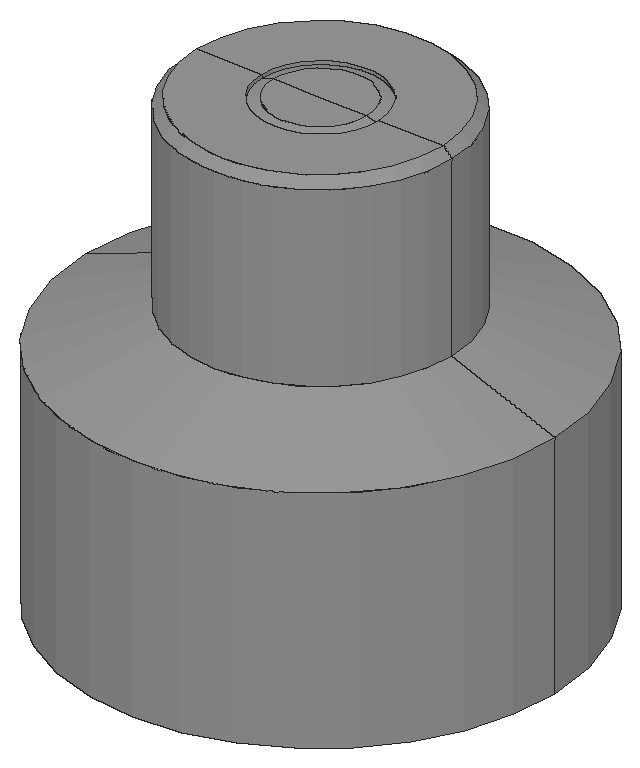
Revit family "4069217 Sylvania Lighting Fixture PATHE GROUND ROUND1 NARROW 72LM LED 4K", category Lighting Fixtures, host Face, Revit 2016
Family settings
  Host = Face
  Part Type = Normal
  Round Connector Dimension = Use Diameter
  OmniClass Number = 23.80.70.00
  OmniClass Title = Lighting
  Cut with Voids When Loaded = No
  Light Source = Yes
  Shared = No
  Room Calculation Point = No
Parameters (values of type "4069217 PATHE/G/R1 NAR 72LM LED 4K")
  Weight = "0.23 kg"
  Wattage Comments = ""
  Wattage = 1.5 W
  WarrantyStartDate [instance] = "n/a"
  WarrantyGuarantorParts = "n/a"
  WarrantyDurationUnit = "n/a"
  WarrantyDurationParts = "n/a"
  WarrantyDescription = "n/a"
  built-in parameter 1150110 = 1 (stored number, unit not read)
  Voltage = 0 V
  URL = "http://www.sylvania-lighting.com"
  TypeName = "PATHE/GROUND/ROUND1 NARROW 72LM LED 4K"
  Type Image = <None>
  Type Comments = "n/a"
  built-in parameter 1114217 = 1 (stored number, unit not read)
  Tilt Angle = -90.00°
  built-in parameter 1150109 = 1 (stored number, unit not read)
  built-in parameter 1150134 = 12
  built-in parameter 1150113 = 1 (stored number, unit not read)
  SerialNumber [instance] = "n/a"
  Radius_SYL = 22.5 mm
  RadiusDiffuser_SYL = 10 mm
  Photometric Web File = "4069217.ies"
  Material_3_SYL = none
  PowerFactor = 0
  PowerConsumption = "1.5 W"
  NominalLength = 45 mm
  NominalHeight = 75 mm
  NominalDepth = 0 mm
  Name = "PATHE/GROUND/ROUND1 NARROW 72LM LED 4K"
  ModelReference = Name  # "PATHE/GROUND/ROUND1 NARROW 72LM LED 4K"
  ModelNumber = "4069217"
  Model = Name  # "PATHE/GROUND/ROUND1 NARROW 72LM LED 4K"
  Material = "corrosion resistant die-cast aluminium housing, anti uv polycarbonate diffuser"
  ManufacturerName = "Feilo Sylvania"
  Manufacturer = "Feilo Sylvania"
  LuminousEfficacy = "48 lm/W"
  built-in parameter 1150105 = 5.7296 (stored number, unit not read)
  Lumens = 72 lm
  LuminaireType = ""
  built-in parameter 1150115 = 1 (stored number, unit not read)
  LightOutputRatio = "100"
  built-in parameter 1150137 = (empty or 0)
  built-in parameter 1150139 = (empty or 0)
  LampsType = Lamp  # "LED"
  LampNominalLuminous = "72 lm"
  LampMacAdamStep = "n/a"
  LampColourTemperature = "4000 K"
  LampColourRenderingIndex = "80"
  built-in parameter 1150112 = 1 (stored number, unit not read)
  built-in parameter 1150114 = 1 (stored number, unit not read)
  Lamp = "LED"
  Keynote = "16500"
  InstallationDate [instance] = "n/a"
  InputVoltage = "n/a"
  InputNominalFrequency = "n/a"
  built-in parameter 1150132 = (empty or 0)
  built-in parameter 1150102 = (empty or 0)
  built-in parameter 1150107 = 4000 (stored number, unit not read)
  built-in parameter 1150138 = (empty or 0)
  IngressProtection = "IP68"
  ImpactProtectionIndex = "IK10"
  built-in parameter 1150106 = 0.057296 (stored number, unit not read)
  IfcExportType = "IfcLightFixtureType"
  IfcExportAs = "IfcLightFixtureType"
  HieghtTop_SYL = 2 mm
  ExpectedLife = 50000
  Emit from Circle Diameter = RadiusDiffuser_SYL * 2  # 20 mm
  Emit Shape Visible in Rendering = no
  ElectricShockClassification = "Class III"
  built-in parameter 1150104 = 4.4593 (stored number, unit not read)
  DurationUnit = "hours"
  DocumentationLiterature = "http://www.sylvania-lighting.com/product/en-int/products/4069217"
  DimmingControlOptions = "n/a"
  Material_2_SYL = Polycarbonate, Clear
  Dimming Lamp Color Temperature Shift = <None>
  Description = "Round recessed ground luminaireCorrosion resistant die-cast aluminium, 72lm, 1.5W, 48lm/W, 4000K, CRI80+, 7°, non dimmable, IP68, IK10, (ØxD) Ø45x75mm, 3 step MacAdam ellipse, Class III, 12-24V-DC, A++ A+ A"
  Default Elevation = 1219.2 mm
  CreatedOn = "9/21/2018"
  CreatedBy = "@sylvania-lighting.com"
  Cost = 0
  Color Filter = 16777215
  built-in parameter 1114216 [instance] = (empty or 0)
  ClassificationValue = "EF_70_80"
  ClassificationName = "Uniclass2015"
  Material_1_SYL = Aluminum 6061 T6 80 Hot Formed
  ChamferTop_SYL = 1.5 mm
  ChamferDiffuserTop_SYL = 2 mm
  ChamferDiffuserSide_SYL = 0.5 mm
  BarCode [instance] = "n/a"
  built-in parameter 1114218 = 1 (stored number, unit not read)
  built-in parameter 1150133 = 10 (stored number, unit not read)
  AssetType = "Fixed"
  AssetIdentifier [instance] = "n/a"
  Assembly Code = "D5020200"
  Apparent Load = 1.5 VA
  Material_4_SYL = none
Reference planes
  plane 1 "Center (Front/Back)": y = 0
  plane 2: z = 0
  plane 3 "Center (Left/Right)": x = 0
  plane 4: x = -40
  plane 5: x = -22.5
  plane 6: z = -75
  plane 7: x = -10
  plane 8: z = 2
  plane 9: x = -21
  plane 10: z = -36
  plane 11: z = -29.5
  plane 12: x = -8
  plane 13: z = 1.5
  plane 14: z = -6
  plane 15: z = 0.5
Forms (mm)
  Revolve 1, solid, material "Aluminum 6061 T6 80 Hot Formed" <- "Material_1_SYL"
    sketch origin (0, 0, 0) x (1, 0, 0) y (0, 0, 1)
      loop
        line (0, -75) -> (0, -6) -> (-21, -6) -> (-21, 0) -> (-10, 0) -> (-10, 2) -> (-21, 2) -> (-22.5, 0.5) -> (-22.5, -29.5) -> (-40, -36) -> (-40, -75) -> (0, -75)
      axis (0, 2) -> (0, -75)
    angle from 360 to 0
  Revolve 2, solid, material "Polycarbonate, Clear" <- "Material_2_SYL"
    sketch origin (0, 0, 0) x (1, 0, 0) y (0, 0, 1)
      loop
        line (-10, 1.5) -> (-10, 0) -> (0, 0) -> (0, 2) -> (-8, 2) -> (-10, 1.5)
      axis (0, 2) -> (0, 0)
    angle from 360 to 0
  Revolve 3, void
    sketch origin (0, 0, 0) x (1, 0, 0) y (0, 0, 1)
      loop
        line (0, 0) -> (-22.5, 0) -> (-22.5, -29.5) -> (-40, -36) -> (-40, -75) -> (0, -75) -> (0, 0)
      axis (0, 0) -> (0, -75)
    angle from 360 to 0
Cuts and joins
  Revolve 3 cuts Revolve 2
Dimensions and locks
  locked: plane 2 to plane 6 at 75
  locked: plane 3 "Center (Left/Right)" to plane 4 at 40
  "Radius_SYL": plane 3 "Center (Left/Right)" to plane 5
  "RadiusDiffuser_SYL": plane 3 "Center (Left/Right)" to plane 7
  "ChamferTop_SYL": plane 9 to plane 5
  "ChamferDiffuserSide_SYL": plane 8 to plane 13
  "ChamferDiffuserTop_SYL": plane 12 to plane 7
  locked: plane 2 to plane 14 at 6
  "ChamferTop_SYL": plane 8 to plane 15
  "HieghtTop_SYL": plane 8 to plane 2
  aligned and locked: plane 2 to host face
  aligned and locked: level to host face
  aligned and locked: Revolve 1 sketch curve to plane 3 "Center (Left/Right)"  (x2)
  aligned and locked: plane 3 "Center (Left/Right)" to Revolve 1 sketch curve
  aligned and locked: Revolve 1 sketch curve to plane 6
  aligned and locked: plane 4 to Revolve 1 sketch curve
  aligned and locked: plane 5 to Revolve 1 sketch curve
  aligned and locked: plane 8 to Revolve 1 sketch curve
  aligned and locked: level to Revolve 1 sketch curve
  aligned and locked: plane 9 to Revolve 1 sketch curve  (x2)
  aligned and locked: plane 7 to Revolve 1 sketch curve
  aligned and locked: plane 8 to Revolve 2 sketch curve
  aligned and locked: Revolve 2 sketch curve to plane 3 "Center (Left/Right)"  (x2)
  aligned and locked: Revolve 1 to Revolve 2 sketch curve
  aligned and locked: plane 14 to Revolve 1 sketch curve
  aligned and locked: plane 12 to Revolve 2 sketch curve
  aligned and locked: plane 7 to Revolve 2 sketch curve
  aligned and locked: plane 13 to Revolve 2 sketch curve
  aligned and locked: imposter light to plane 8
  aligned and locked: imposter light to plane 1 "Center (Front/Back)"
  aligned and locked: plane 3 "Center (Left/Right)" to imposter light
  aligned and locked: plane 15 to Revolve 1 sketch curve
  aligned and locked: Revolve 3 sketch curve to plane 3 "Center (Left/Right)"
  aligned and locked: plane 3 "Center (Left/Right)" to Revolve 3 sketch curve  (x2)
  aligned and locked: Revolve 3 sketch curve to Revolve 1  (x3)
  aligned and locked: Revolve 3 sketch curve to plane 5
  aligned and locked: Revolve 1 to Revolve 3 sketch curve
Automatic sketch dimensions
  host sketch curve to host sketch curve = 2438.4 mm  (x2)
  plane 6 to Revolve 2 sketch curve = 534.6 mm
  Revolve 2 sketch curve to Revolve 2 sketch curve = 2607.058 mm
  Revolve 1 sketch curve to plane 10 = 0 mm
  Revolve 1 sketch curve to plane 11 = 0 mm
  plane 6 to Revolve 1 sketch curve = 534.6 mm
  Revolve 1 sketch curve to plane 8 = 2607.058 mm
  Revolve 3 sketch curve to plane 11 = 0 mm
  plane 6 to Revolve 3 sketch curve = 534.6 mm
  Revolve 3 sketch curve to plane 8 = 2607.058 mm
Connectors
  electrical at (0, 0, 0), driven by "Apparent Load", driven by "PowerFactor", driven by "Voltage"
    settings: index 1, voltage 0 V, apparent load 1.5 VA, apparent load phase1 0 VA, apparent load phase2 0 VA, apparent load phase3 0 VA, power factor 0, load classification "Lighting", number of poles 1, system type 30, power factor state 1, is connector primary yes, connector utility no, sub classification motor no, connector description ""
